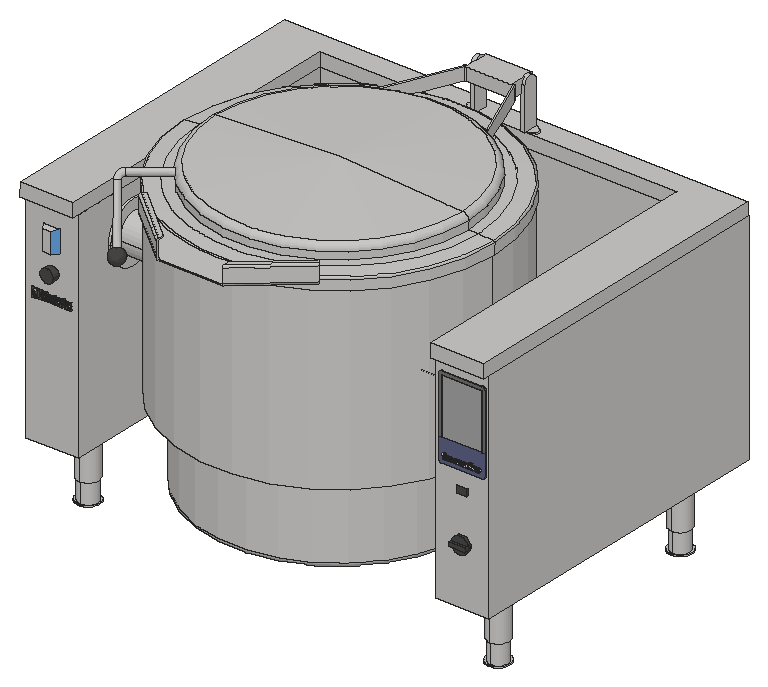
Revit family "QF_ELECTROLUXPROFESSIONAL_587182_PBOT20SDJO", category Attrezzature speciali, Revit 2020 (continued)
Definition of nested family "QF_ELECTROLUXPROFESSIONAL_PBOTS1000_LEFT"
  Automatic sketch dimensions
    Extrusion 5 sketch curve to Extrusion 5 sketch curve = 0.679 mm
    Extrusion 5 sketch curve to Extrusion 5 sketch curve = 0.728 mm
    Extrusion 5 sketch curve to Extrusion 5 sketch curve = 0.178 mm
    Extrusion 5 sketch curve to Extrusion 5 sketch curve = 4.332 mm
    Extrusion 5 sketch curve to plane 9 "TOP" = 304.564 mm  (x2)
    Extrusion 5 sketch curve to Extrusion 5 sketch curve = 0.539 mm  (x2)
    Extrusion 5 sketch curve to Extrusion 5 sketch curve = 0.634 mm  (x2)
    Extrusion 5 sketch curve to Extrusion 5 sketch curve = 0.036 mm  (x2)
    Extrusion 5 sketch curve to Extrusion 5 sketch curve = 0.114 mm  (x2)
    Extrusion 5 sketch curve to Extrusion 5 sketch curve = 0.807 mm  (x2)
    Extrusion 5 sketch curve to Extrusion 5 sketch curve = 0.007 mm  (x2)
    Extrusion 5 sketch curve to Extrusion 5 sketch curve = 0.156 mm  (x2)
    Extrusion 5 sketch curve to Extrusion 5 sketch curve = 0.005 mm  (x2)
    Extrusion 5 sketch curve to Extrusion 5 sketch curve = 0.083 mm  (x2)
    Extrusion 5 sketch curve to Extrusion 5 sketch curve = 0.13 mm  (x4)
    Extrusion 5 sketch curve to Extrusion 5 sketch curve = 0.009 mm  (x2)
    Extrusion 5 sketch curve to Extrusion 5 sketch curve = 0.159 mm  (x2)
    Extrusion 5 sketch curve to Extrusion 5 sketch curve = 0.075 mm  (x2)
    Extrusion 5 sketch curve to Extrusion 5 sketch curve = 0.025 mm  (x2)
    Extrusion 5 sketch curve to Extrusion 5 sketch curve = 2.918 mm
    Extrusion 5 sketch curve to Extrusion 5 sketch curve = 2.789 mm
    Extrusion 5 sketch curve to plane 9 "TOP" = 306.37 mm  (x2)
    Extrusion 5 sketch curve to Extrusion 5 sketch curve = 0.908 mm  (x2)
    Extrusion 5 sketch curve to plane 9 "TOP" = 306.755 mm  (x2)
    Extrusion 5 sketch curve to Extrusion 5 sketch curve = 0.826 mm  (x2)
    Extrusion 5 sketch curve to Extrusion 5 sketch curve = 0.126 mm  (x3)
    Extrusion 5 sketch curve to Extrusion 5 sketch curve = 2.333 mm
    Extrusion 5 sketch curve to Extrusion 5 sketch curve = 1.257 mm  (x2)
    Extrusion 5 sketch curve to Extrusion 5 sketch curve = 2.771 mm
    Extrusion 5 sketch curve to Extrusion 5 sketch curve = 1.497 mm
    Extrusion 5 sketch curve to Extrusion 5 sketch curve = 1.979 mm
    Extrusion 5 sketch curve to Extrusion 5 sketch curve = 1.653 mm
    Extrusion 5 sketch curve to Extrusion 5 sketch curve = 0.085 mm
    Extrusion 5 sketch curve to Extrusion 5 sketch curve = 0.315 mm
    Extrusion 5 sketch curve to Extrusion 5 sketch curve = 3.811 mm
    Extrusion 5 sketch curve to Extrusion 5 sketch curve = 2.136 mm  (x2)
    Extrusion 5 sketch curve to Extrusion 5 sketch curve = 2.352 mm  (x2)
    Extrusion 5 sketch curve to plane 9 "TOP" = 289.122 mm
    Extrusion 5 sketch curve to Extrusion 5 sketch curve = 3.797 mm
    Extrusion 5 sketch curve to plane 9 "TOP" = 296.104 mm
    Extrusion 5 sketch curve to Extrusion 5 sketch curve = 1.528 mm
    Extrusion 5 sketch curve to plane 9 "TOP" = 290.598 mm
    Extrusion 5 sketch curve to Extrusion 5 sketch curve = 1.476 mm
    Extrusion 5 sketch curve to plane 9 "TOP" = 294.635 mm
    Extrusion 5 sketch curve to Extrusion 5 sketch curve = 1.469 mm
    Extrusion 5 sketch curve to Extrusion 5 sketch curve = 3.728 mm
    Extrusion 5 sketch curve to Extrusion 5 sketch curve = 0.046 mm
    Extrusion 5 sketch curve to Extrusion 5 sketch curve = 0.177 mm
    Extrusion 5 sketch curve to Extrusion 5 sketch curve = 0.947 mm
    Extrusion 5 sketch curve to Extrusion 5 sketch curve = 0.308 mm
    Extrusion 5 sketch curve to Extrusion 5 sketch curve = 0.091 mm
    Extrusion 5 sketch curve to Extrusion 5 sketch curve = 2.375 mm
    Extrusion 5 sketch curve to Extrusion 5 sketch curve = 0.94 mm
    Extrusion 5 sketch curve to Extrusion 5 sketch curve = 0.54 mm
    Extrusion 5 sketch curve to Extrusion 5 sketch curve = 0.102 mm
    Extrusion 5 sketch curve to Extrusion 5 sketch curve = 0.002 mm  (x4)
    Extrusion 5 sketch curve to Extrusion 5 sketch curve = 0.105 mm
    Extrusion 5 sketch curve to Extrusion 5 sketch curve = 0.097 mm
    Extrusion 5 sketch curve to Extrusion 5 sketch curve = 3.982 mm
    Extrusion 5 sketch curve to Extrusion 5 sketch curve = 0.17 mm
    Extrusion 5 sketch curve to Extrusion 5 sketch curve = 6.49 mm
    Extrusion 5 sketch curve to Extrusion 5 sketch curve = 1.777 mm
    Extrusion 5 sketch curve to plane 9 "TOP" = 296.072 mm
    Extrusion 5 sketch curve to Extrusion 5 sketch curve = 0.63 mm
    Extrusion 5 sketch curve to Extrusion 5 sketch curve = 1.001 mm
    Extrusion 5 sketch curve to plane 9 "TOP" = 294.678 mm
    Extrusion 5 sketch curve to Extrusion 5 sketch curve = 1.393 mm
    Extrusion 5 sketch curve to Extrusion 5 sketch curve = 2.363 mm
    Extrusion 5 sketch curve to Extrusion 5 sketch curve = 2.253 mm
    Extrusion 5 sketch curve to Extrusion 5 sketch curve = 0.014 mm  (x4)
    Extrusion 5 sketch curve to Extrusion 5 sketch curve = 0.172 mm
    Extrusion 5 sketch curve to Extrusion 5 sketch curve = 0.096 mm
    Extrusion 5 sketch curve to Extrusion 5 sketch curve = 0.164 mm
    Extrusion 5 sketch curve to Extrusion 5 sketch curve = 0.298 mm
    Extrusion 5 sketch curve to Extrusion 5 sketch curve = 0.247 mm
    Extrusion 5 sketch curve to Extrusion 5 sketch curve = 0.084 mm
    Extrusion 5 sketch curve to Extrusion 5 sketch curve = 6.484 mm
    Extrusion 5 sketch curve to Extrusion 5 sketch curve = 2.596 mm
    Extrusion 5 sketch curve to Extrusion 5 sketch curve = 0.059 mm  (x2)
    Extrusion 5 sketch curve to Extrusion 5 sketch curve = 3.889 mm
    Extrusion 5 sketch curve to plane 9 "TOP" = 307.979 mm
    Extrusion 5 sketch curve to Extrusion 5 sketch curve = 6.029 mm
    Extrusion 5 sketch curve to plane 9 "TOP" = 305.988 mm
    Extrusion 5 sketch curve to Extrusion 5 sketch curve = 0.929 mm
    Extrusion 5 sketch curve to Extrusion 5 sketch curve = 1.102 mm
    Extrusion 5 sketch curve to Extrusion 5 sketch curve = 0.756 mm  (x2)
    Extrusion 5 sketch curve to plane 9 "TOP" = 306.353 mm
    Extrusion 5 sketch curve to Extrusion 5 sketch curve = 0.852 mm
    Extrusion 5 sketch curve to Extrusion 5 sketch curve = 0.108 mm
    Extrusion 5 sketch curve to Extrusion 5 sketch curve = 0.101 mm
    Extrusion 5 sketch curve to Extrusion 5 sketch curve = 0.072 mm
    Extrusion 5 sketch curve to Extrusion 5 sketch curve = 1.67 mm
    Extrusion 5 sketch curve to Extrusion 5 sketch curve = 1.834 mm
    Extrusion 5 sketch curve to Extrusion 5 sketch curve = 0.366 mm
    Extrusion 5 sketch curve to Extrusion 5 sketch curve = 0.993 mm
    Extrusion 5 sketch curve to Extrusion 5 sketch curve = 0.81 mm
    Extrusion 5 sketch curve to Extrusion 5 sketch curve = 1.026 mm  (x2)
    Extrusion 5 sketch curve to Extrusion 5 sketch curve = 4.272 mm
    Extrusion 5 sketch curve to Extrusion 5 sketch curve = 0.163 mm
    Extrusion 5 sketch curve to Extrusion 5 sketch curve = 0.551 mm
    Extrusion 5 sketch curve to Extrusion 5 sketch curve = 6.11 mm
    Extrusion 5 sketch curve to Extrusion 5 sketch curve = 1.451 mm
    Extrusion 5 sketch curve to Extrusion 5 sketch curve = 5.217 mm
    Extrusion 5 sketch curve to Extrusion 5 sketch curve = 0.045 mm  (x2)
    Extrusion 5 sketch curve to Extrusion 5 sketch curve = 0.241 mm
    Extrusion 5 sketch curve to Extrusion 5 sketch curve = 0.039 mm
    Extrusion 5 sketch curve to Extrusion 5 sketch curve = 1.134 mm
    Extrusion 5 sketch curve to Extrusion 5 sketch curve = 2.351 mm
    Extrusion 5 sketch curve to Extrusion 5 sketch curve = 3.993 mm
    Extrusion 5 sketch curve to Extrusion 5 sketch curve = 10.128 mm
    Extrusion 5 sketch curve to Extrusion 5 sketch curve = 0.956 mm
    Extrusion 5 sketch curve to Extrusion 5 sketch curve = 1.263 mm
    Extrusion 5 sketch curve to Extrusion 5 sketch curve = 2.577 mm
    Extrusion 5 sketch curve to Extrusion 5 sketch curve = 0.243 mm
    Extrusion 5 sketch curve to Extrusion 5 sketch curve = 0.031 mm
    Extrusion 5 sketch curve to Extrusion 5 sketch curve = 7.148 mm
    Extrusion 5 sketch curve to Extrusion 5 sketch curve = 1.502 mm
    Extrusion 5 sketch curve to Extrusion 5 sketch curve = 11.54 mm
    Extrusion 5 sketch curve to Extrusion 5 sketch curve = 11.758 mm
    Extrusion 5 sketch curve to Extrusion 5 sketch curve = 4.097 mm
    Extrusion 5 sketch curve to Extrusion 5 sketch curve = 0.011 mm
    Extrusion 5 sketch curve to Extrusion 5 sketch curve = 4.488 mm
    Extrusion 5 sketch curve to Extrusion 5 sketch curve = 11.908 mm
    Extrusion 5 sketch curve to Extrusion 5 sketch curve = 2.236 mm
    Extrusion 5 sketch curve to Extrusion 5 sketch curve = 0.22 mm
    Extrusion 5 sketch curve to Extrusion 5 sketch curve = 0.319 mm
    Extrusion 5 sketch curve to Extrusion 5 sketch curve = 1.192 mm
    Extrusion 5 sketch curve to Extrusion 5 sketch curve = 3.577 mm  (x2)
    Extrusion 5 sketch curve to Extrusion 5 sketch curve = 3.444 mm  (x2)
    Extrusion 5 sketch curve to Extrusion 5 sketch curve = 1.626 mm  (x2)
    Extrusion 5 sketch curve to Extrusion 5 sketch curve = 2.021 mm
    Extrusion 5 sketch curve to Extrusion 5 sketch curve = 2.967 mm
    Extrusion 5 sketch curve to Extrusion 5 sketch curve = 1.22 mm
    Extrusion 5 sketch curve to Extrusion 5 sketch curve = 3.412 mm
    Extrusion 5 sketch curve to Extrusion 5 sketch curve = 0.892 mm  (x3)
    Extrusion 5 sketch curve to Extrusion 5 sketch curve = 0.58 mm  (x2)
    Extrusion 5 sketch curve to Extrusion 5 sketch curve = 2.117 mm
    Extrusion 5 sketch curve to Extrusion 5 sketch curve = 0.295 mm  (x2)
    Extrusion 5 sketch curve to Extrusion 5 sketch curve = 0.618 mm
    Extrusion 5 sketch curve to Extrusion 5 sketch curve = 1.65 mm
    Extrusion 5 sketch curve to Extrusion 5 sketch curve = 1.662 mm
    Extrusion 5 sketch curve to Extrusion 5 sketch curve = 0.013 mm  (x2)
    Extrusion 5 sketch curve to Extrusion 5 sketch curve = 0.292 mm
    Extrusion 5 sketch curve to Extrusion 5 sketch curve = 0.107 mm  (x2)
    Extrusion 5 sketch curve to Extrusion 5 sketch curve = 0.068 mm  (x2)
    Extrusion 5 sketch curve to Extrusion 5 sketch curve = 2.361 mm
    Extrusion 5 sketch curve to Extrusion 5 sketch curve = 2.359 mm
    Extrusion 5 sketch curve to Extrusion 5 sketch curve = 0.531 mm  (x2)
    Extrusion 5 sketch curve to Extrusion 5 sketch curve = 0.928 mm  (x2)
    Extrusion 5 sketch curve to Extrusion 5 sketch curve = 1.058 mm
    Extrusion 5 sketch curve to Extrusion 5 sketch curve = 0.297 mm  (x2)
    Extrusion 5 sketch curve to Extrusion 5 sketch curve = 0.155 mm  (x2)
    Extrusion 5 sketch curve to Extrusion 5 sketch curve = 0.182 mm  (x2)
    Extrusion 5 sketch curve to Extrusion 5 sketch curve = 0.607 mm  (x2)
    Extrusion 5 sketch curve to Extrusion 5 sketch curve = 0.372 mm  (x2)
    Extrusion 5 sketch curve to Extrusion 5 sketch curve = 0.016 mm  (x2)
    Extrusion 5 sketch curve to Extrusion 5 sketch curve = 0.996 mm
    Extrusion 5 sketch curve to Extrusion 5 sketch curve = 0.93 mm
    Extrusion 5 sketch curve to Extrusion 5 sketch curve = 0.709 mm  (x2)
    Extrusion 5 sketch curve to Extrusion 5 sketch curve = 1.017 mm
    Extrusion 5 sketch curve to Extrusion 5 sketch curve = 4.718 mm
    Extrusion 5 sketch curve to Extrusion 5 sketch curve = 0.891 mm
    Extrusion 5 sketch curve to Extrusion 5 sketch curve = 3.826 mm
    Extrusion 5 sketch curve to Extrusion 5 sketch curve = 0.954 mm
    Extrusion 5 sketch curve to Extrusion 5 sketch curve = 5.576 mm
    Extrusion 5 sketch curve to Extrusion 5 sketch curve = 5.661 mm  (x2)
    Extrusion 5 sketch curve to Extrusion 5 sketch curve = 0.006 mm
    Extrusion 5 sketch curve to Extrusion 5 sketch curve = 2.203 mm
    Extrusion 5 sketch curve to Extrusion 5 sketch curve = 2.21 mm
    Extrusion 5 sketch curve to Extrusion 5 sketch curve = 1.607 mm
    Extrusion 5 sketch curve to Extrusion 5 sketch curve = 3.92 mm
    Extrusion 5 sketch curve to Extrusion 5 sketch curve = 0.05 mm
    Extrusion 5 sketch curve to Extrusion 5 sketch curve = 1.776 mm
    Extrusion 5 sketch curve to Extrusion 5 sketch curve = 4.017 mm
    Extrusion 5 sketch curve to Extrusion 5 sketch curve = 0.196 mm  (x2)
    Extrusion 5 sketch curve to Extrusion 5 sketch curve = 0.19 mm
    Extrusion 5 sketch curve to Extrusion 5 sketch curve = 1.312 mm
    Extrusion 5 sketch curve to Extrusion 5 sketch curve = 0.146 mm
    Extrusion 5 sketch curve to Extrusion 5 sketch curve = 2.831 mm
    Extrusion 5 sketch curve to Extrusion 5 sketch curve = 0.387 mm
    Extrusion 5 sketch curve to Extrusion 5 sketch curve = 0.174 mm
    Extrusion 5 sketch curve to Extrusion 5 sketch curve = 4.623 mm
    Extrusion 5 sketch curve to Extrusion 5 sketch curve = 1.754 mm
    Extrusion 5 sketch curve to Extrusion 5 sketch curve = 0.188 mm
    Extrusion 5 sketch curve to Extrusion 5 sketch curve = 0.02 mm
    Extrusion 5 sketch curve to Extrusion 5 sketch curve = 0.313 mm
    Extrusion 5 sketch curve to Extrusion 5 sketch curve = 0.12 mm
    Extrusion 5 sketch curve to Extrusion 5 sketch curve = 0.062 mm
    Extrusion 5 sketch curve to Extrusion 5 sketch curve = 0.568 mm
    Extrusion 5 sketch curve to Extrusion 5 sketch curve = 0.095 mm
    Extrusion 5 sketch curve to Extrusion 5 sketch curve = 0.357 mm
    Extrusion 5 sketch curve to Extrusion 5 sketch curve = 0.008 mm
    Extrusion 5 sketch curve to Extrusion 5 sketch curve = 0.36 mm
    Extrusion 5 sketch curve to Extrusion 5 sketch curve = 3.784 mm
    Extrusion 5 sketch curve to Extrusion 5 sketch curve = 1.654 mm
    Extrusion 5 sketch curve to Extrusion 5 sketch curve = 1.454 mm
    Extrusion 5 sketch curve to Extrusion 5 sketch curve = 3.429 mm
    Extrusion 5 sketch curve to Extrusion 5 sketch curve = 1.094 mm
    Extrusion 5 sketch curve to Extrusion 5 sketch curve = 2.218 mm
    Extrusion 5 sketch curve to Extrusion 5 sketch curve = 1.404 mm
    Extrusion 5 sketch curve to Extrusion 5 sketch curve = 5.959 mm
    Extrusion 5 sketch curve to Extrusion 5 sketch curve = 1.424 mm
    Extrusion 5 sketch curve to Extrusion 5 sketch curve = 3.23 mm
    Extrusion 5 sketch curve to Extrusion 5 sketch curve = 1.975 mm
    Extrusion 5 sketch curve to Extrusion 5 sketch curve = 3.779 mm
    Extrusion 5 sketch curve to Extrusion 5 sketch curve = 2.212 mm
    Extrusion 5 sketch curve to Extrusion 5 sketch curve = 3.78 mm
    Extrusion 5 sketch curve to Extrusion 5 sketch curve = 1.279 mm
    Extrusion 5 sketch curve to Extrusion 5 sketch curve = 1.343 mm  (x2)
    Extrusion 5 sketch curve to Extrusion 5 sketch curve = 1.353 mm  (x2)
    Extrusion 5 sketch curve to Extrusion 5 sketch curve = 0.027 mm  (x2)
    Extrusion 5 sketch curve to Extrusion 5 sketch curve = 0.395 mm  (x2)
    Extrusion 5 sketch curve to Extrusion 5 sketch curve = 0.329 mm  (x2)
    Extrusion 5 sketch curve to Extrusion 5 sketch curve = 0.425 mm  (x2)
    Extrusion 5 sketch curve to Extrusion 5 sketch curve = 0.051 mm  (x2)
    Extrusion 5 sketch curve to Extrusion 5 sketch curve = 0.495 mm  (x2)
    Extrusion 5 sketch curve to Extrusion 5 sketch curve = 0.267 mm  (x2)
    Extrusion 5 sketch curve to Extrusion 5 sketch curve = 1.4 mm
    Extrusion 5 sketch curve to Extrusion 5 sketch curve = 5.233 mm
    Extrusion 5 sketch curve to Extrusion 5 sketch curve = 2.062 mm
    Extrusion 6 sketch curve to plane 12 "HW_CW" = 0.0 mm  (x2)
    Extrusion 6 sketch curve to plane 14 = 0.0 mm
    Extrusion 6 sketch curve to plane 13 = 0.0 mm
    Extrusion 7 sketch curve to plane 3 "Center (Left/Right)" = 0.0 mm
    Extrusion 7 sketch curve to plane 15 "Steam_y" = 0.0 mm
    Extrusion 8 sketch curve to plane 3 "Center (Left/Right)" = 0.0 mm
    Extrusion 8 sketch curve to plane 17 = 0.0 mm
    radius of Extrusion 2 sketch curve = 20.0 mm
    radius of Extrusion 3 sketch curve = 6.35 mm  (x2)
    radius of Extrusion 5 sketch curve = 2.453 mm
    radius of Extrusion 5 sketch curve = 1.557 mm
    radius of Extrusion 5 sketch curve = 1.468 mm
    radius of Extrusion 5 sketch curve = 2.451 mm
    radius of Extrusion 6 sketch curve = 5.0 mm  (x2)
    radius of Extrusion 7 sketch curve = 25.4 mm
    radius of Extrusion 8 sketch curve = 25.4 mm
Definition of nested family "QF_ELECTROLUXPROFESSIONAL_PBOTS1000_RIGHT"
  Parameters
    Width = 160.0 mm
    Steam_z = 140.0 mm
    Steam_y = 239.0 mm
    Right = Width / 2  # 80.0 mm
    Default Elevation = 0.0 mm
    Left = -Width / 2  # -80.0 mm
    Htop = 40.0 mm
    Height = 900.0 mm
    HBase = 200.0 mm
    EI_z = 250.0 mm
    EI_y = 312.0 mm
    Depth = 1000.0 mm
    BorderFront = 20.0 mm
    Body Finish [instance] = none
  Reference planes
    plane 1 "Center (Front/Back)": y = 0
    plane 2: z = 0
    plane 3 "Center (Left/Right)": x = 0
    plane 4 "LEFT": x = -80
    plane 5 "RIGHT": x = 80
    plane 6 "BACK": y = 500
    plane 7 "FRONT": y = -500
    plane 8 "Base": z = 200
    plane 9 "TOP": z = 900
    plane 10 "BorderFront": y = -480
    plane 11: z = 860
    plane 12 "EI": z = 450
    plane 13: y = 188
    plane 14: y = 261
    plane 15 "Steam_Z": z = 340
  Forms (mm)
    Extrusion 1, solid
      sketch origin (0, 0, 0) x (1, 0, 0) y (0, 1, 0)
        loop
          line (-80, 500) -> (-80, -480) -> (80, -480) -> (80, 500) -> (-80, 500)
      from 860 to 200
    Extrusion 2, solid
      sketch origin (0, -480, 0) x (-1, 0, 0) y (0, 0, 1)
        loop
          line (59.714, 823.989) -> (-61.821, 823.989)
          arc (-61.821, 823.989) -> (-68.892, 821.06) -> (-71.821, 813.989) r 10
          line (-71.821, 813.989) -> (-71.821, 644.744) -> (-61.821, 644.744) -> (-61.821, 813.989) -> (59.714, 813.989) -> (59.714, 644.744) -> (69.714, 644.744) -> (69.714, 813.989)
          arc (69.714, 813.989) -> (66.786, 821.06) -> (59.714, 823.989) r 10
      from 0 to -3
    Extrusion 3, solid
      sketch origin (0, -480, 0) x (-1, 0, 0) y (0, 0, 1)
        loop
          circle (0, 375.28) r 25
      from 0 to -10
    Extrusion 4, solid
      sketch origin (0, -480, 0) x (-1, 0, 0) y (0, 0, 1)
        loop
          line (24.382, 380.806) -> (-24.382, 380.806)
          arc (-24.382, 380.806) -> (-25, 375.28) -> (-24.382, 369.753) r 25
          line (-24.382, 369.753) -> (24.382, 369.753)
          arc (24.382, 369.753) -> (25, 375.28) -> (24.382, 380.806) r 25
      from 0 to -20
    Extrusion 5, solid
      sketch origin (0, -480, 0) x (-1, 0, 0) y (0, 0, 1)
        loop
          line (69.714, 585) -> (69.714, 644.744) -> (-71.821, 644.744) -> (-71.821, 585)
          arc (-71.821, 585) -> (-68.892, 577.929) -> (-61.821, 575) r 10
          line (-61.821, 575) -> (59.714, 575)
          arc (59.714, 575) -> (66.786, 577.929) -> (69.714, 585) r 10
      from -3 to 0
    Extrusion 6, solid
      sketch origin (234.714, -480, 0) x (-1, 0, 0) y (0, 0, 1)
        loop
          line (294.429, 813.989) -> (172.894, 813.989) -> (172.894, 644.744) -> (294.429, 644.744) -> (294.429, 813.989)
      from 0 to -3
    Extrusion 7, solid
      sketch origin (0, -480, 0) x (-1, 0, 0) y (0, 0, 1)
        loop
          line (15, 530) -> (-15, 530) -> (-15, 510) -> (15, 510) -> (15, 530)
      from -1.6 to 0
    Extrusion 8, solid
      sketch origin (0, 500, 0) x (-1, 0, 0) y (0, 0, 1)
        loop
          circle (0, 450) r 5
      from 0 to 2
    Extrusion 9, solid
      sketch origin (0, 0, 200) x (0, 1, 0) y (-1, 0, 0)
        loop
          circle (188, 0) r 10
      from 0 to -3
    Extrusion 10, solid
      sketch origin (0, 0, 200) x (0, 1, 0) y (-1, 0, 0)
        loop
          circle (261, 0) r 25.4
      from 0 to -3
    Extrusion 11, solid
      sketch origin (0, 500, 0) x (-1, 0, 0) y (0, 0, 1)
        loop
          circle (0, 340) r 25.4
      from 0 to 3
  Lines and regions (mm)
    symbolic lines
      curve 1: line (-80, 500, 0) -> (80, 500, 0)
      curve 2: line (80, 500, 0) -> (80, -480, 0)
  Dimensions and locks
    "Width": plane 4 "LEFT" to plane 5 "RIGHT"
    equal spacing: plane 4 "LEFT", plane 3 "Center (Left/Right)", plane 5 "RIGHT"
    equal spacing: plane 6 "BACK", plane 1 "Center (Front/Back)", plane 7 "FRONT"
    "Depth": plane 6 "BACK" to plane 7 "FRONT"
    "BorderFront": plane 10 "BorderFront" to plane 7 "FRONT"
    "Htop": plane 9 "TOP" to plane 11
    "Height": plane 9 "TOP" to level
    "HBase": plane 8 "Base" to level
    Extrusion 4 sketch curve to Extrusion 4 sketch curve = 11.053 mm
    "EI_y": plane 6 "BACK" to plane 13
    "EI_z": plane 12 "EI" to plane 8 "Base"
    "Steam_y": plane 6 "BACK" to plane 14
    "Steam_z": plane 15 "Steam_Z" to plane 8 "Base"
    aligned and locked: level to plane 2
    aligned and locked: plane 10 "BorderFront" to Extrusion 1 sketch curve
    aligned and locked: plane 11 to Extrusion 1
    aligned and locked: Extrusion 1 to plane 8 "Base"
    aligned and locked: plane 4 "LEFT" to Extrusion 1 sketch curve
    aligned and locked: Extrusion 1 sketch curve to plane 5 "RIGHT"
    aligned and locked: Extrusion 1 sketch curve to plane 6 "BACK"
  Automatic sketch dimensions
    Extrusion 3 sketch curve to plane 3 "Center (Left/Right)" = 0.0 mm
    plane 8 "Base" to Extrusion 3 sketch curve = 175.28 mm
    Extrusion 4 sketch curve to Extrusion 4 sketch curve = 0.0 mm  (x3)
    Extrusion 4 sketch curve to plane 3 "Center (Left/Right)" = 0.0 mm
    plane 3 "Center (Left/Right)" to Extrusion 4 sketch curve = 24.382 mm
    Extrusion 4 sketch curve to plane 3 "Center (Left/Right)" = 24.382 mm
    plane 8 "Base" to Extrusion 4 sketch curve = 169.753 mm
    Extrusion 2 sketch curve to plane 5 "RIGHT" = 8.179 mm
    Extrusion 2 sketch curve to Extrusion 2 sketch curve = 10.0 mm  (x2)
    Extrusion 2 sketch curve to Extrusion 2 sketch curve = 0.0 mm  (x4)
    plane 4 "LEFT" to Extrusion 2 sketch curve = 20.286 mm
    Extrusion 2 sketch curve to plane 11 = 215.256 mm
    Extrusion 2 sketch curve to plane 11 = 46.011 mm
    Extrusion 5 sketch curve to plane 5 "RIGHT" = 8.179 mm
    plane 4 "LEFT" to Extrusion 5 sketch curve = 20.286 mm
    plane 4 "LEFT" to Extrusion 5 sketch curve = 10.286 mm
    Extrusion 5 sketch curve to plane 11 = 285.0 mm
    Extrusion 5 sketch curve to Extrusion 5 sketch curve = 59.744 mm
    Extrusion 5 sketch curve to Extrusion 5 sketch curve = 10.0 mm
    plane 4 "LEFT" to Extrusion 6 sketch curve = 20.286 mm
    Extrusion 6 sketch curve to plane 11 = 46.011 mm
    Extrusion 6 sketch curve to plane 5 "RIGHT" = 18.179 mm
    Extrusion 6 sketch curve to Extrusion 6 sketch curve = 169.244 mm
    Extrusion 8 sketch curve to plane 3 "Center (Left/Right)" = 0.0 mm
    Extrusion 8 sketch curve to plane 12 "EI" = 0.0 mm
    curve 1 to plane 4 "LEFT" = 0.0 mm
    curve 1 to plane 5 "RIGHT" = 0.0 mm
    curve 2 to plane 10 "BorderFront" = 0.0 mm
    curve 1 to plane 6 "BACK" = 0.0 mm
    plane 3 "Center (Left/Right)" to Extrusion 7 sketch curve = 15.0 mm
    Extrusion 7 sketch curve to plane 3 "Center (Left/Right)" = 15.0 mm
    plane 12 "EI" to Extrusion 7 sketch curve = 60.0 mm
    Extrusion 7 sketch curve to Extrusion 7 sketch curve = 20.0 mm
    Extrusion 9 sketch curve to plane 3 "Center (Left/Right)" = 0.0 mm
    Extrusion 9 sketch curve to plane 13 = 0.0 mm
    Extrusion 10 sketch curve to plane 3 "Center (Left/Right)" = 0.0 mm
    Extrusion 10 sketch curve to plane 14 = 0.0 mm
    Extrusion 11 sketch curve to plane 3 "Center (Left/Right)" = 0.0 mm
    Extrusion 11 sketch curve to plane 15 "Steam_Z" = 0.0 mm
    radius of Extrusion 3 sketch curve = 25.0 mm
    radius of Extrusion 8 sketch curve = 5.0 mm
    radius of Extrusion 9 sketch curve = 10.0 mm
    radius of Extrusion 10 sketch curve = 25.4 mm
    radius of Extrusion 11 sketch curve = 25.4 mm
  Nested families
    nested 1: "ELX_ThermaLine" at (-0.906, -483, 593.675) x (1, 0, 0) z (0, -1, 0), type "ELX_ThermaLine"
      with Show Logo yes, Material_Logo none
  Definition of nested family "ELX_ThermaLine"
    Parameters
      Show Logo [instance] = yes
      Material_Logo [instance] = none
      Default Elevation = 0.0 mm
    Reference planes
      plane 1 "Centro (Fronte/Retro)": y = 0
      plane 2: z = 0
      plane 3 "Centro (Sinistra/Destra)": x = 0
    Forms (mm)
      Extrusion 1, solid
        sketch origin (0, 0, 0) x (1, 0, 0) y (0, 1, 0)
          loop
            line (-1219.2, 1219.2) -> (-1219.2, -1219.2) -> (1219.2, -1219.2) -> (1219.2, 1219.2) -> (-1219.2, 1219.2)
        from 0 to -304.8
      Extrusion 2, solid
        sketch origin (0, 0, 0) x (1, 0, 0) y (0, 1, 0)
          loop
            line (-52.84, 4.345) -> (-50.793, 4.345) -> (-50.793, 6.716) -> (-52.84, 6.716) -> (-52.84, 10.788) -> (-55.901, 9.058) -> (-55.901, 6.716) -> (-57.324, 6.716) -> (-57.324, 4.345) -> (-55.901, 4.345) -> (-55.901, -1.637)
            arc (-55.901, -1.637) -> (-54.76, -4.355) -> (-51.88, -4.985) r 3.198
            line (-51.88, -4.985) -> (-50.444, -4.597) -> (-50.782, -2.189) -> (-51.765, -2.453)
            arc (-51.765, -2.453) -> (-52.506, -2.305) -> (-52.84, -1.628) r 0.854
            line (-52.84, -1.628) -> (-52.84, 4.345)
          loop
            line (-48.642, 11.198) -> (-48.642, -4.787) -> (-45.561, -4.787) -> (-45.561, 2.659)
            arc (-45.561, 2.659) -> (-44.379, 4.372) -> (-42.304, 4.523) r 2.408
            arc (-42.304, 4.523) -> (-41.484, 3.75) -> (-41.182, 2.665) r 2.099
            line (-41.182, 2.665) -> (-41.182, -4.787) -> (-38.117, -4.787) -> (-38.088, 2.166)
            arc (-38.088, 2.166) -> (-38.343, 3.963) -> (-39.021, 5.646) r 7.517
            arc (-39.021, 5.646) -> (-42.369, 6.971) -> (-45.561, 5.303) r 4.327
            line (-45.561, 5.303) -> (-45.561, 11.198) -> (-48.642, 11.198)
          loop
            arc (-28.196, 1.988) -> (-28.834, 3.893) -> (-30.683, 4.679) r 2.449
            arc (-30.683, 4.679) -> (-32.149, 3.674) -> (-32.711, 1.988) r 2.793
            line (-32.711, 1.988) -> (-28.196, 1.988)
          loop
            arc (-25.128, 0.121) -> (-26.074, 4.342) -> (-29.545, 6.923) r 6.212
            arc (-29.545, 6.923) -> (-33.021, 6.358) -> (-35.352, 3.718) r 5.232
            arc (-35.352, 3.718) -> (-35.918, 1.148) -> (-35.633, -1.468) r 8.117
            arc (-35.633, -1.468) -> (-34.524, -3.319) -> (-32.789, -4.603) r 5.523
            arc (-32.789, -4.603) -> (-28.402, -4.744) -> (-25.297, -1.641) r 5.523
            line (-25.297, -1.641) -> (-28.327, -1.106)
            arc (-28.327, -1.106) -> (-29.324, -2.396) -> (-30.951, -2.501) r 1.982
            arc (-30.951, -2.501) -> (-32.276, -1.475) -> (-32.789, 0.121) r 2.835
            line (-32.789, 0.121) -> (-25.128, 0.121)
          loop
            line (-22.733, -4.787) -> (-19.705, -4.787) -> (-19.705, 0)
            arc (-19.705, 0) -> (-19.663, 1.267) -> (-19.469, 2.521) r 10.557
            arc (-19.469, 2.521) -> (-18.189, 4.014) -> (-16.237, 3.761) r 2.069
            line (-16.237, 3.761) -> (-15.318, 6.433)
            arc (-15.318, 6.433) -> (-17.915, 6.783) -> (-19.931, 5.11) r 3.262
            line (-19.931, 5.11) -> (-19.931, 6.752) -> (-22.733, 6.752) -> (-22.733, -4.787)
          loop
            line (-14.233, 6.752) -> (-14.233, -4.787) -> (-11.135, -4.787) -> (-11.135, 1.783)
            arc (-11.135, 1.783) -> (-10.552, 3.635) -> (-8.862, 4.59) r 2.646
            arc (-8.862, 4.59) -> (-7.677, 3.931) -> (-7.234, 2.65) r 1.899
            line (-7.234, 2.65) -> (-7.234, -4.787) -> (-4.155, -4.787) -> (-4.155, 1.467)
            arc (-4.155, 1.467) -> (-3.845, 2.923) -> (-2.97, 4.128) r 3.581
            arc (-2.97, 4.128) -> (-1.581, 4.474) -> (-0.516, 3.516) r 1.525
            arc (-0.516, 3.516) -> (-0.324, 2.735) -> (-0.304, 1.931) r 3.735
            line (-0.304, 1.931) -> (-0.304, -4.787) -> (2.776, -4.787) -> (2.776, 3.096)
            arc (2.776, 3.096) -> (1.833, 5.68) -> (-0.612, 6.942) r 3.784
            arc (-0.612, 6.942) -> (-2.795, 6.596) -> (-4.513, 5.205) r 4.271
            arc (-4.513, 5.205) -> (-5.893, 6.457) -> (-7.686, 6.964) r 4.079
            arc (-7.686, 6.964) -> (-9.75, 6.555) -> (-11.39, 5.237) r 4.412
            line (-11.39, 5.237) -> (-11.39, 6.752) -> (-14.233, 6.752)
          loop
            line (5.334, 3.712) -> (8.069, 3.23)
            arc (8.069, 3.23) -> (10.312, 4.685) -> (12.137, 2.73) r 2.082
            line (12.137, 2.73) -> (8.171, 1.741)
            arc (8.171, 1.741) -> (6.593, 1.022) -> (5.378, -0.215) r 4.758
            arc (5.378, -0.215) -> (5.225, -1.991) -> (5.744, -3.697) r 4.711
            arc (5.744, -3.697) -> (7.301, -4.682) -> (9.118, -4.992) r 4.691
            arc (9.118, -4.992) -> (10.903, -4.593) -> (12.411, -3.558) r 4.818
            line (12.411, -3.558) -> (12.81, -4.787) -> (15.873, -4.787) -> (15.179, -2.652) -> (15.179, 3.25)
            arc (15.179, 3.25) -> (14.773, 5.146) -> (13.38, 6.496) r 3.336
            arc (13.38, 6.496) -> (10.765, 7.201) -> (8.091, 6.773) r 6.459
            arc (8.091, 6.773) -> (6.348, 5.57) -> (5.334, 3.712) r 4.569
          loop
            line (21.001, -4.787) -> (24.24, -4.787) -> (27.623, 11.127) -> (24.384, 11.127) -> (21.001, -4.787)
          loop
            line (27.273, -4.787) -> (30.332, -4.787) -> (32.777, 6.716) -> (29.718, 6.716) -> (27.273, -4.787)
          loop
            line (30.656, 11.127) -> (30.058, 8.314) -> (33.117, 8.314) -> (33.715, 11.127) -> (30.656, 11.127)
          loop
            line (33.431, -4.787) -> (36.649, -4.787) -> (38.261, 2.796)
            arc (38.261, 2.796) -> (39.644, 4.445) -> (41.791, 4.594) r 2.751
            arc (41.791, 4.594) -> (42.425, 3.729) -> (42.502, 2.659) r 1.936
            line (42.502, 2.659) -> (40.919, -4.787) -> (43.989, -4.787) -> (45.795, 3.712)
            arc (45.795, 3.712) -> (45.588, 5.458) -> (44.361, 6.716) r 2.734
            arc (44.361, 6.716) -> (41.222, 6.857) -> (38.516, 5.259) r 5.512
            line (38.516, 5.259) -> (38.826, 6.716) -> (35.876, 6.716) -> (33.431, -4.787)
          loop
            line (50.773, 1.934) -> (55.672, 1.934)
            arc (55.672, 1.934) -> (55.737, 2.919) -> (55.334, 3.821) r 2.051
            arc (55.334, 3.821) -> (53.773, 4.722) -> (52.024, 4.287) r 2.407
            arc (52.024, 4.287) -> (51.223, 3.203) -> (50.773, 1.934) r 4.566
          loop
            line (50.479, 0) -> (58.259, 0)
            arc (58.259, 0) -> (58.241, 3.53) -> (56.181, 6.396) r 5.8
            arc (56.181, 6.396) -> (52.577, 6.992) -> (49.395, 5.199) r 5.498
            arc (49.395, 5.199) -> (47.819, 2.372) -> (47.536, -0.853) r 7.747
            arc (47.536, -0.853) -> (48.406, -3.006) -> (50.236, -4.437) r 4.494
            arc (50.236, -4.437) -> (52.672, -4.934) -> (55.109, -4.437) r 6.224
            arc (55.109, -4.437) -> (56.76, -3.346) -> (57.916, -1.739) r 5.478
            line (57.916, -1.739) -> (55.129, -1.247)
            arc (55.129, -1.247) -> (53.897, -2.495) -> (52.149, -2.637) r 2.52
            arc (52.149, -2.637) -> (50.809, -1.638) -> (50.479, 0) r 2.336
          loop
            line (12.154, 0.755) -> (8.732, -0.098)
            arc (8.732, -0.098) -> (8.126, -1.288) -> (8.732, -2.478) r 1.471
            arc (8.732, -2.478) -> (10.437, -2.725) -> (11.827, -1.706) r 2.276
            arc (11.827, -1.706) -> (12.142, -0.496) -> (12.154, 0.755) r 5.123
        from 0 to 1.6
    Dimensions and locks
      aligned and locked: plane 2 to Extrusion 1
      aligned and locked: level to Extrusion 1
Definition of nested family "QF_ELECTROLUXPROFESSIONAL_2FEET_THL_120x1000H200"
  Parameters
    Width = 120.0 mm
    Right = Width / 2  # 60.0 mm
    Default Elevation = 0.0 mm
    Left = -Width / 2  # -60.0 mm
    Height = 200.0 mm
    HBase = Height - 15.0 mm  # 185.0 mm
    Depth = 980.0 mm
  Reference planes
    plane 1 "Center (Front/Back)": y = 0
    plane 2: z = 0
    plane 3 "Center (Left/Right)": x = 0
    plane 4 "LEFT": x = -60
    plane 5 "RIGHT": x = 60
    plane 6 "BACK": y = 490
    plane 7 "FRONT": y = -490
    plane 8 "Base": z = 185
    plane 9 "TOP": z = 200
    plane 10: y = 333
    plane 11: y = -354
    plane 12: y = 416
    plane 13: y = -438
    plane 14: x = -80
  Forms (mm)
    Extrusion 1, solid
      sketch origin (0, 12, 200) x (0, 1, 0) y (-1, 0, 0)
        loop
          line (404, 60) -> (-450, 60) -> (-450, -60) -> (404, -60) -> (404, 60)
      from 0 to -15
    Revolve 2, solid
      sketch origin (0, 0, 0) x (0, 1, 0) y (0, 0, 1)
        loop
          line (333, 0) -> (368, 0) -> (368, 2) -> (361.179, 2) -> (361.179, 63) -> (364.75, 63) -> (364.75, 185) -> (333, 185) -> (333, 0)
        axis (333, 185) -> (333, 0)
      angle from 0 to 360
    Revolve 3, solid
      sketch origin (0, -687, 0) x (0, 1, 0) y (0, 0, 1)
        loop
          line (333, 0) -> (368, 0) -> (368, 2) -> (361.179, 2) -> (361.179, 63) -> (364.75, 63) -> (364.75, 185) -> (333, 185) -> (333, 0)
        axis (333, 185) -> (333, 0)
      angle from 0 to 360
  Dimensions and locks
    "Width": plane 4 "LEFT" to plane 5 "RIGHT"
    equal spacing: plane 4 "LEFT", plane 3 "Center (Left/Right)", plane 5 "RIGHT"
    equal spacing: plane 6 "BACK", plane 1 "Center (Front/Back)", plane 7 "FRONT"
    "Depth": plane 6 "BACK" to plane 7 "FRONT"
    "HBase": plane 8 "Base" to level
    "Height": plane 9 "TOP" to level
    locked: plane 6 "BACK" to plane 10 at 157
    locked: plane 10 to plane 11 at 687
    plane 14 to plane 3 "Center (Left/Right)" = 80.0 mm
    plane 6 "BACK" to plane 12 = 74.0 mm
    plane 13 to plane 7 "FRONT" = 52.0 mm
    aligned and locked: level to plane 2
    aligned and locked: Extrusion 1 sketch curve to plane 5 "RIGHT"
    aligned and locked: plane 4 "LEFT" to Extrusion 1 sketch curve
    aligned and locked: Extrusion 1 to plane 8 "Base"
    aligned and locked: Extrusion 1 to plane 13
  Automatic sketch dimensions
    plane 13 to Extrusion 1 sketch curve = 0.0 mm
    Extrusion 1 sketch curve to plane 6 "BACK" = 74.0 mm
    Revolve 2 sketch curve to level = 0.0 mm
    Revolve 2 sketch curve to plane 10 = 0.0 mm  (x2)
    Revolve 2 sketch curve to plane 8 "Base" = 0.0 mm
    plane 10 to Revolve 2 sketch curve = 28.179 mm
    Revolve 2 sketch curve to Revolve 2 sketch curve = 31.75 mm
    Revolve 2 sketch curve to Revolve 2 sketch curve = 6.821 mm
    level to Revolve 2 sketch curve = 2.0 mm
    Revolve 2 sketch curve to Revolve 2 sketch curve = 61.0 mm
    Revolve 2 sketch curve to level = 50.0 mm
    plane 9 "TOP" to Revolve 2 sketch curve = 70.0 mm
    Revolve 3 sketch curve to level = 0.0 mm
    Revolve 3 sketch curve to plane 11 = 0.0 mm  (x2)
    Revolve 3 sketch curve to plane 8 "Base" = 0.0 mm
    plane 11 to Revolve 3 sketch curve = 28.179 mm
    Revolve 3 sketch curve to Revolve 3 sketch curve = 31.75 mm
    Revolve 3 sketch curve to Revolve 3 sketch curve = 6.821 mm
    level to Revolve 3 sketch curve = 2.0 mm
    Revolve 3 sketch curve to Revolve 3 sketch curve = 61.0 mm
    Revolve 3 sketch curve to level = 50.0 mm
    plane 9 "TOP" to Revolve 3 sketch curve = 70.0 mm
Definition of nested family "QF_ELECTROLUXPROFESSIONAL_PBOT1000_LEVEL1"
  Parameters
    Default Elevation = 0.0 mm
    Assembly Code = ""
  Reference planes
    plane 1 "Center (Front/Back)": y = 0
    plane 2: z = 0
    plane 3 "Center (Left/Right)": x = 0
  Forms (mm)
    Sweep 1, solid
      path origin (0, 0, 0) x (1, 0, 0) y (0, 0.5, 0.866025)
        loop
          line (60, 0) -> (-80, 0)
          arc (-80, 0) -> (-94.142, -5.858) -> (-100, -20) r 20
          line (-100, -20) -> (-100, -200)
      profile origin (-10, 0, 0) x (0, -0.5, -0.866025) y (0, -0.866025, 0.5)
        loop
          circle (0, 0) r 9
    Revolve 2, solid
      sketch origin (-20, 0, 0) x (1, 0, 0) y (0, 0.5, 0.866025)
        loop
          arc (-57.5, -200) -> (-80, -177.5) -> (-102.5, -200) r 22.5
          line (-102.5, -200) -> (-57.5, -200)
        axis (-102.5, -200) -> (-57.5, -200)
      angle from 0 to 360
  Lines and regions (mm)
    symbolic lines
      curve 1: line (0, -9, 0) -> (-80, -9, 0)
      curve 2: line (0, 9, 0) -> (-80, 9, 0)
      curve 3: line (-91, -80, 0) -> (-91, -15, 0)
      curve 4: line (-109, -80, 0) -> (-109, -10, 0)
      curve 5: arc (-109, -10, 0) -> (-97.335, 3.827, 0) -> (-80, 9, 0) r 31.632
      curve 6: arc (-91, -15, 0) -> (-86.265, -10.598, 0) -> (-80, -9, 0) r 13.083
      curve 7: spline (-77.953, -100, 0) -> (-78.704, -94.175, 0) -> (-80.907, -88.747, 0) -> (-84.41, -84.087, 0) -> (-88.977, -80.51, 0) -> (-94.294, -78.262, 0) -> (-100, -77.495, 0) -> (-105.706, -78.262, 0) -> (-111.023, -80.51, 0) -> (-115.59, -84.087, 0) -> (-119.093, -88.747, 0) -> (-121.296, -94.175, 0) -> (-122.047, -100, 0) -> (-121.296, -105.825, 0) -> (-119.093, -111.253, 0) -> (-115.59, -115.913, 0) -> (-111.023, -119.49, 0) -> (-105.706, -121.738, 0) -> (-100, -122.505, 0) -> (-94.294, -121.738, 0) -> (-88.977, -119.49, 0) -> (-84.41, -115.913, 0) -> (-80.907, -111.253, 0) -> (-78.704, -105.825, 0) -> (-77.953, -100, 0)
  Dimensions and locks
    aligned and locked: level to plane 2
